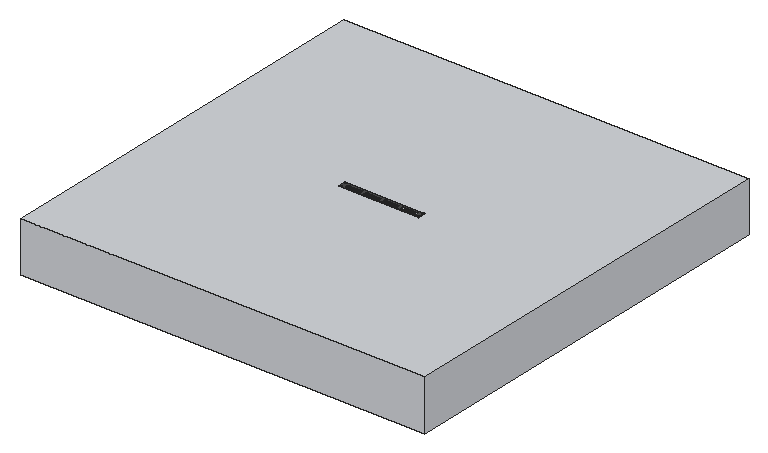
Revit family
Parameters (values of type "Patch Panel-Siemon-MX-PNL-24")
  Weight = 0.65 lbf
  Version = ""
  U/M = "EA"
  U Space = "1"
  System = "ALL OTHER"
  Serial Number = "MX-PNL-24"
  Segment = "FIBER"
  Product Page URL = ""
  Product Documentation Link = ""
  Ports = 24
  Model = "MAX PATCH PANEL"
  Metal = Metal-Siemon-Annodized-Aluminum
  Manufacturer = "SIEMON"
  Loaded/Empty = "N/A"
  Item Group = "PATCH PANELS"
  Item Class = "GG"
  Description = "24 PORT MAX PATCH PANEL 1RMS"
  Default Elevation = 1219.2 mm
  Color = "BLACK"
  Assembly Code = ""
Reference planes
  plane 1 "Center (Front/Back)": y = 0
  plane 2: z = 0
  plane 3 "Center (Left/Right)": x = 0
  plane 4: y = 6.2
  plane 5: y = -38
  plane 6: x = -241.3
  plane 7: x = 241.3
  plane 8: z = 1.56
  plane 9: x = -209.5
  plane 10: x = 209.6
  plane 11: x = -122.1
  plane 12: x = -98.9
  plane 13: x = -11.5
  plane 14: x = 11.7
  plane 15: x = 99.1
  plane 16: x = 122.3
  plane 17: y = -11.5
  plane 18: y = -30.8
  plane 19: x = -232.8
  plane 20: x = -236.35
  plane 21: x = 232.8
  plane 22: x = 236.35
  plane 23: x = -165.8
  plane 24: y = -21.15
  plane 25: x = -55.2
  plane 26: x = 55.4
  plane 27: x = 166
Forms (mm)
  Extrusion 1, solid
    sketch origin (0, 0, 0) x (1, 0, 0) y (0, 1, 0)
      loop
        line (-1219.2, 1219.2) -> (-1219.2, -1219.2) -> (1219.2, -1219.2) -> (1219.2, 1219.2) -> (-1219.2, 1219.2)
    from 0 to -304.8
  Extrusion 2, solid, material "Metal-Siemon-Annodized-Aluminum" <- "Metal", detail levels medium+fine
    sketch origin (0, 0, 0) x (1, 0, 0) y (0, 1, 0)
      loop
        line (-241.3, 6.2) -> (-241.3, -38) -> (241.3, -38) -> (241.3, 6.2) -> (-241.3, 6.2)
      loop
        line (-209.5, -11.5) -> (-209.5, -30.8) -> (-122.1, -30.8) -> (-122.1, -11.5) -> (-209.5, -11.5)
      loop
        line (-98.9, -11.5) -> (-98.9, -30.8) -> (-11.5, -30.8) -> (-11.5, -11.5) -> (-98.9, -11.5)
      loop
        line (11.7, -11.5) -> (11.7, -30.8) -> (99.1, -30.8) -> (99.1, -11.5) -> (11.7, -11.5)
      loop
        line (122.3, -11.5) -> (122.3, -30.8) -> (209.6, -30.8) -> (209.6, -11.5) -> (122.3, -11.5)
      loop
        circle (-232.8, 0) r 3.55
      loop
        circle (-232.8, -31.8) r 3.55
      loop
        circle (232.8, 0) r 3.55
      loop
        circle (232.8, -31.8) r 3.55
    from 0 to 1.56
  Extrusion 3, solid, detail levels coarse
    sketch origin (0, 0, 0) x (1, 0, 0) y (0, 1, 0)
      loop
        line (-241.3, 6.2) -> (-241.3, -38) -> (241.3, -38) -> (241.3, 6.2) -> (-241.3, 6.2)
    from 0 to 1.56
Lines and regions (mm)
  Masking region 1
    outline origin (0, 0, 0) x (1, 0, 0) y (0, 1, 0)
      loop
        line (-241.3, 6.2) -> (-241.3, -38) -> (241.3, -38) -> (241.3, 6.2) -> (-241.3, 6.2)
  Masking region 2
    outline origin (0, 0, 0) x (1, 0, 0) y (0, 0, 1)
      loop
        line (241.3, 0) -> (241.3, 1.56) -> (-241.3, 1.56) -> (-241.3, 0) -> (241.3, 0)
  Masking region 3
    outline origin (0, 0, 0) x (0, 1, 0) y (0, 0, 1)
      loop
        line (6.2, 1.56) -> (-38, 1.56) -> (-38, 0) -> (6.2, 0) -> (6.2, 1.56)
  symbolic lines, detail levels medium+fine
    curve 1: line (-209.5, -11.5, 0) -> (-122.1, -11.5, 0)
    curve 2: line (-209.5, -30.8, 0) -> (-209.5, -11.5, 0)
    curve 3: line (-122.1, -30.8, 0) -> (-209.5, -30.8, 0)
    curve 4: line (-122.1, -11.5, 0) -> (-122.1, -30.8, 0)
    curve 5: line (-98.9, -11.5, 0) -> (-11.5, -11.5, 0)
    curve 6: line (-98.9, -30.8, 0) -> (-98.9, -11.5, 0)
    curve 7: line (-11.5, -30.8, 0) -> (-98.9, -30.8, 0)
    curve 8: line (-11.5, -11.5, 0) -> (-11.5, -30.8, 0)
    curve 9: line (11.7, -11.5, 0) -> (99.1, -11.5, 0)
    curve 10: line (11.7, -30.8, 0) -> (11.7, -11.5, 0)
    curve 11: line (99.1, -30.8, 0) -> (11.7, -30.8, 0)
    curve 12: line (99.1, -11.5, 0) -> (99.1, -30.8, 0)
    curve 13: line (122.3, -11.5, 0) -> (209.6, -11.5, 0)
    curve 14: line (122.3, -30.8, 0) -> (122.3, -11.5, 0)
    curve 15: line (209.6, -30.8, 0) -> (122.3, -30.8, 0)
    curve 16: line (209.6, -11.5, 0) -> (209.6, -30.8, 0)
  symbolic lines, detail levels fine
    curve 17: circle (-232.8, 0, 0) r 3.55 normal (0, 0, 1)
    curve 19: circle (-232.8, -31.8, 0) r 3.55 normal (0, 0, -1)
    curve 23: circle (232.8, 0, 0) r 3.55 normal (0, 0, -1)
    curve 24: circle (232.8, -31.8, 0) r 3.55 normal (0, 0, -1)
  reference lines
    curve 18: arc (-236.35, 0, 0) -> (-235.31, 2.51, 0) -> (-232.8, 3.55, 0) r 3.55
    curve 20: arc (236.35, 0, 0) -> (235.31, 2.51, 0) -> (232.8, 3.55, 0) r 3.55
    curve 21: arc (236.35, -31.8, 0) -> (235.31, -34.31, 0) -> (232.8, -35.35, 0) r 3.55
    curve 22: arc (-236.35, -31.8, 0) -> (-235.31, -34.31, 0) -> (-232.8, -35.35, 0) r 3.55
Dimensions and locks
  plane 1 "Center (Front/Back)" to plane 4 = 6.2 mm
  locked: plane 4 to plane 5 at 44.2
  locked: plane 6 to plane 3 "Center (Left/Right)" at 241.3
  locked: plane 6 to plane 7 at 482.6
  plane 8 to plane 2 = 1.56 mm
  plane 6 to plane 9 to plane 11 to plane 12 to plane 13 to plane 14 to plane 15 to plane 16 to plane 10 = 31.8 mm locked, 87.4 mm locked, 23.2 mm locked, 87.4 mm locked, 23.2 mm locked, 87.4 mm locked, 23.2 mm locked, 87.3 mm locked
  locked: plane 8 to level at 1.56
  locked: plane 9 to plane 23 at 43.7
  locked: plane 17 to plane 24 at 9.65
  plane 18 to plane 17 to plane 1 "Center (Front/Back)" = 19.3 mm locked, 11.5 mm locked
  locked: plane 12 to plane 25 at 43.7
  locked: plane 14 to plane 26 at 43.7
  locked: plane 16 to plane 27 at 43.7
  aligned and locked: plane 2 to Extrusion 1
  aligned and locked: level to Extrusion 1
  aligned and locked: Extrusion 2 to plane 4
  aligned and locked: Extrusion 2 to plane 5
  aligned and locked: Extrusion 2 to plane 6
  aligned and locked: plane 7 to Extrusion 2
  aligned and locked: Extrusion 2 to level
  aligned and locked: plane 8 to Extrusion 2
  aligned and locked: Extrusion 2 sketch curve to plane 10
  aligned and locked: plane 16 to Extrusion 2 sketch curve
  aligned and locked: Extrusion 2 sketch curve to plane 15
  aligned and locked: plane 14 to Extrusion 2 sketch curve
  aligned and locked: Extrusion 2 sketch curve to plane 13
  aligned and locked: plane 12 to Extrusion 2 sketch curve
  aligned and locked: Extrusion 2 sketch curve to plane 11
  aligned and locked: plane 9 to Extrusion 2 sketch curve
  aligned and locked: Extrusion 2 sketch curve to plane 17  (x4)
  aligned and locked: plane 18 to Extrusion 2 sketch curve  (x4)
  aligned and locked: plane 6 to Extrusion 3 sketch curve
  aligned and locked: plane 5 to Extrusion 3 sketch curve
  aligned and locked: Extrusion 3 sketch curve to plane 7
  aligned and locked: Extrusion 3 sketch curve to plane 4
  aligned and locked: Extrusion 3 to plane 2
  aligned and locked: plane 8 to Extrusion 3
  aligned and locked: plane 6 to Masking region 1 sketch curve
  aligned and locked: Masking region 1 sketch curve to plane 4
  aligned and locked: plane 5 to Masking region 1 sketch curve
  aligned and locked: Masking region 1 sketch curve to plane 7
  aligned and locked: plane 16 to curve 14
  aligned and locked: curve 16 to plane 10
  aligned and locked: curve 13 to plane 17
  aligned and locked: plane 18 to curve 15
  aligned and locked: curve 9 to plane 17
  aligned and locked: plane 18 to curve 11
  aligned and locked: curve 5 to plane 17
  aligned and locked: plane 18 to Extrusion 2  (x2)
  aligned and locked: curve 1 to plane 17
  aligned and locked: plane 18 to curve 3
  aligned and locked: plane 9 to curve 2
  aligned and locked: curve 4 to plane 11
  aligned and locked: plane 12 to curve 6
  aligned and locked: curve 8 to plane 13
  aligned and locked: plane 14 to curve 10
  aligned and locked: curve 12 to plane 15
  aligned and locked: plane 16 to Extrusion 2
  aligned and locked: Extrusion 2 to plane 10
  aligned and locked: Extrusion 2 to plane 17
  aligned and locked: plane 1 "Center (Front/Back)" to curve 18
  aligned and locked: plane 19 to curve 18
  aligned and locked: curve 17 to curve 18
  aligned and locked: plane 20 to curve 18
  aligned and locked: plane 21 to curve 21
  aligned and locked: plane 22 to curve 21
  aligned and locked: plane 21 to curve 20
  aligned and locked: plane 22 to curve 20
  aligned and locked: plane 19 to curve 22
  aligned and locked: plane 20 to curve 22
  aligned and locked: curve 19 to curve 22
  aligned and locked: curve 23 to curve 20
  aligned and locked: curve 24 to curve 21
  aligned and locked: Masking region 2 sketch curve to Extrusion 1
  aligned and locked: plane 8 to Masking region 2 sketch curve
  aligned and locked: plane 7 to Masking region 2 sketch curve
  aligned and locked: Masking region 2 sketch curve to plane 6
  aligned and locked: Masking region 3 sketch curve to plane 8
  aligned and locked: Extrusion 1 to Masking region 3 sketch curve
  aligned and locked: plane 5 to Masking region 3 sketch curve
  aligned and locked: Masking region 3 sketch curve to plane 4
  aligned and locked: Extrusion 2 sketch curve to curve 17
  aligned and locked: Extrusion 2 sketch curve to curve 19
  aligned and locked: Extrusion 2 sketch curve to curve 23
  aligned and locked: Extrusion 2 sketch curve to curve 24
  aligned and locked: plane 8 to nested 1
  aligned and locked: nested 1 to plane 23
  aligned and locked: plane 24 to nested 1
  aligned and locked: plane 24 to nested 2
  aligned and locked: plane 24 to nested 3
  aligned and locked: plane 24 to nested 4
  aligned and locked: nested 2 to plane 25
  aligned and locked: nested 3 to plane 26
  aligned and locked: nested 4 to plane 27
Nested families
  nested 1: "DataPorts" at (-165.8, -21.15, -8.44), type "DataPorts"
  nested 2: "DataPorts" at (-55.2, -21.15, -8.44), type "DataPorts"
  nested 3: "DataPorts" at (55.4, -21.15, -8.44), type "DataPorts"
  nested 4: "DataPorts" at (166, -21.15, -8.44), type "DataPorts"
Connectors
  electrical at (-201.842, -21.155, -8.44)
    settings: on nested 1, index 1
  electrical at (-187.429, -21.155, -8.44)
    settings: on nested 1, index 2
  electrical at (-173.016, -21.155, -8.44)
    settings: on nested 1, index 3
  electrical at (-158.604, -21.155, -8.44)
    settings: on nested 1, index 4
  electrical at (-144.191, -21.155, -8.44)
    settings: on nested 1, index 5
  electrical at (-129.778, -21.155, -8.44)
    settings: on nested 1, index 6
  electrical at (-91.242, -21.155, -8.44)
    settings: on nested 2, index 7
  electrical at (-76.829, -21.155, -8.44)
    settings: on nested 2, index 8
  electrical at (-62.416, -21.155, -8.44)
    settings: on nested 2, index 9
  electrical at (-48.004, -21.155, -8.44)
    settings: on nested 2, index 10
  electrical at (-33.591, -21.155, -8.44)
    settings: on nested 2, index 11
  electrical at (-19.178, -21.155, -8.44)
    settings: on nested 2, index 12
  electrical at (19.358, -21.155, -8.44)
    settings: on nested 3, index 13
  electrical at (33.771, -21.155, -8.44)
    settings: on nested 3, index 14
  electrical at (48.184, -21.155, -8.44)
    settings: on nested 3, index 15
  electrical at (62.596, -21.155, -8.44)
    settings: on nested 3, index 16
  electrical at (77.009, -21.155, -8.44)
    settings: on nested 3, index 17
  electrical at (91.422, -21.155, -8.44)
    settings: on nested 3, index 18
  electrical at (129.958, -21.155, -8.44)
    settings: on nested 4, index 19
  electrical at (144.371, -21.155, -8.44)
    settings: on nested 4, index 20
  electrical at (158.784, -21.155, -8.44)
    settings: on nested 4, index 21
  electrical at (173.196, -21.155, -8.44)
    settings: on nested 4, index 22
  electrical at (187.609, -21.155, -8.44)
    settings: on nested 4, index 23
  electrical at (202.022, -21.155, -8.44)
    settings: on nested 4, index 24
Definition of nested family "DataPorts"
  Parameters (values of type "DataPorts")
    Weight = "0.7 kgs (1.5 lbs)"
    UL Rating = "UL 1863"
    U Space / Capacity = "1U"
    Text1 = none
    Text = none
    Part Number = "HD5-24"
    Material = Metal-Siemon-Annodized-Aluminum
    Manufacturer Contact Info / Website = "www.siemon.com"
    Manufacturer = "Siemon"
    Dimensions (H x W x D) = "44.5mm x 483mm x 25mm\r\n(1.75 in. x 19.0 in. x 1.4 in.)"
    Description = "24-port Category 5e Copper Patch Panel"
    Clearance = "50mm (2.0 in.) Front and Rear"
    Assembly Code = ""
  Reference planes
    plane 1 "Center (Front/Back)": y = 0
    plane 2: z = 0
    plane 3 "Center (Left/Right)": x = 0
  Forms (mm)
    Extrusion 1, solid, material "Black Anodized Aluminum", detail levels fine
      sketch origin (-44.118, -25.304, 0) x (1, 0, 0) y (0, 1, 0)
        loop
          line (2.212, 17.018) -> (13.941, 17.018)
          arc (13.941, 17.018) -> (14.821, 17.382) -> (15.185, 18.262) r 1.244
          line (15.185, 18.262) -> (15.185, 32.336)
          arc (15.185, 32.336) -> (14.821, 33.215) -> (13.941, 33.579) r 1.244
          line (13.941, 33.579) -> (2.212, 33.579)
          arc (2.212, 33.579) -> (1.332, 33.215) -> (0.968, 32.336) r 1.244
          line (0.968, 32.336) -> (0.968, 18.262)
          arc (0.968, 18.262) -> (1.332, 17.382) -> (2.212, 17.018) r 1.244
        loop
          line (1.697, 28.29) -> (1.697, 19.582) -> (6.494, 19.582) -> (6.494, 17.474) -> (9.66, 17.474) -> (9.66, 19.582) -> (14.456, 19.582) -> (14.456, 28.29) -> (1.697, 28.29)
        loop
          line (16.625, 17.018) -> (28.354, 17.018)
          arc (28.354, 17.018) -> (29.234, 17.382) -> (29.598, 18.262) r 1.244
          line (29.598, 18.262) -> (29.598, 32.336)
          arc (29.598, 32.336) -> (29.234, 33.215) -> (28.354, 33.579) r 1.244
          line (28.354, 33.579) -> (16.625, 33.579)
          arc (16.625, 33.579) -> (15.745, 33.215) -> (15.381, 32.336) r 1.244
          line (15.381, 32.336) -> (15.381, 18.262)
          arc (15.381, 18.262) -> (15.745, 17.382) -> (16.625, 17.018) r 1.244
        loop
          line (16.11, 28.29) -> (16.11, 19.582) -> (20.906, 19.582) -> (20.906, 17.474) -> (24.072, 17.474) -> (24.072, 19.582) -> (28.869, 19.582) -> (28.869, 28.29) -> (16.11, 28.29)
        loop
          line (31.037, 17.018) -> (42.767, 17.018)
          arc (42.767, 17.018) -> (43.646, 17.382) -> (44.011, 18.262) r 1.244
          line (44.011, 18.262) -> (44.011, 32.336)
          arc (44.011, 32.336) -> (43.646, 33.215) -> (42.767, 33.579) r 1.244
          line (42.767, 33.579) -> (31.037, 33.579)
          arc (31.037, 33.579) -> (30.158, 33.215) -> (29.794, 32.336) r 1.244
          line (29.794, 32.336) -> (29.794, 18.262)
          arc (29.794, 18.262) -> (30.158, 17.382) -> (31.037, 17.018) r 1.244
        loop
          line (30.522, 28.29) -> (30.522, 19.582) -> (35.319, 19.582) -> (35.319, 17.474) -> (38.485, 17.474) -> (38.485, 19.582) -> (43.282, 19.582) -> (43.282, 28.29) -> (30.522, 28.29)
        loop
          line (45.45, 17.018) -> (57.18, 17.018)
          arc (57.18, 17.018) -> (58.059, 17.382) -> (58.423, 18.262) r 1.244
          line (58.423, 18.262) -> (58.423, 32.336)
          arc (58.423, 32.336) -> (58.059, 33.215) -> (57.18, 33.579) r 1.244
          line (57.18, 33.579) -> (45.45, 33.579)
          arc (45.45, 33.579) -> (44.571, 33.215) -> (44.206, 32.336) r 1.244
          line (44.206, 32.336) -> (44.206, 18.262)
          arc (44.206, 18.262) -> (44.571, 17.382) -> (45.45, 17.018) r 1.244
        loop
          line (44.935, 28.29) -> (44.935, 19.582) -> (49.732, 19.582) -> (49.732, 17.474) -> (52.898, 17.474) -> (52.898, 19.582) -> (57.695, 19.582) -> (57.695, 28.29) -> (44.935, 28.29)
        loop
          line (59.863, 17.018) -> (71.592, 17.018)
          arc (71.592, 17.018) -> (72.472, 17.382) -> (72.836, 18.262) r 1.244
          line (72.836, 18.262) -> (72.836, 32.336)
          arc (72.836, 32.336) -> (72.472, 33.215) -> (71.592, 33.579) r 1.244
          line (71.592, 33.579) -> (59.863, 33.579)
          arc (59.863, 33.579) -> (58.983, 33.215) -> (58.619, 32.336) r 1.244
          line (58.619, 32.336) -> (58.619, 18.262)
          arc (58.619, 18.262) -> (58.983, 17.382) -> (59.863, 17.018) r 1.244
        loop
          line (59.348, 28.29) -> (59.348, 19.582) -> (64.145, 19.582) -> (64.145, 17.474) -> (67.311, 17.474) -> (67.311, 19.582) -> (72.107, 19.582) -> (72.107, 28.29) -> (59.348, 28.29)
        loop
          line (74.276, 17.018) -> (86.005, 17.018)
          arc (86.005, 17.018) -> (86.885, 17.382) -> (87.249, 18.262) r 1.244
          line (87.249, 18.262) -> (87.249, 32.336)
          arc (87.249, 32.336) -> (86.885, 33.215) -> (86.005, 33.579) r 1.244
          line (86.005, 33.579) -> (74.276, 33.579)
          arc (74.276, 33.579) -> (73.396, 33.215) -> (73.032, 32.336) r 1.244
          line (73.032, 32.336) -> (73.032, 18.262)
          arc (73.032, 18.262) -> (73.396, 17.382) -> (74.276, 17.018) r 1.244
        loop
          line (73.761, 28.29) -> (73.761, 19.582) -> (78.557, 19.582) -> (78.557, 17.474) -> (81.723, 17.474) -> (81.723, 19.582) -> (86.52, 19.582) -> (86.52, 28.29) -> (73.761, 28.29)
      from 0 to 10
  Lines and regions (mm)
    symbolic lines, detail levels fine
      curve 1: line (-43.15, 7.032, 0) -> (-43.15, -7.042, 0)
      curve 2: arc (-41.907, 8.276, 0) -> (-42.786, 7.911, 0) -> (-43.15, 7.032, 0) r 1.244
      curve 3: line (-30.177, 8.276, 0) -> (-41.907, 8.276, 0)
      curve 4: arc (-28.933, 7.032, 0) -> (-29.298, 7.911, 0) -> (-30.177, 8.276, 0) r 1.244
      curve 5: line (-28.933, -7.042, 0) -> (-28.933, 7.032, 0)
      curve 6: arc (-30.177, -8.286, 0) -> (-29.298, -7.921, 0) -> (-28.933, -7.042, 0) r 1.244
      curve 7: line (-41.907, -8.286, 0) -> (-30.177, -8.286, 0)
      curve 8: arc (-43.15, -7.042, 0) -> (-42.786, -7.921, 0) -> (-41.907, -8.286, 0) r 1.244
      curve 9: line (-37.625, -5.722, 0) -> (-42.422, -5.722, 0)
      curve 10: line (-37.625, -7.829, 0) -> (-37.625, -5.722, 0)
      curve 11: line (-34.459, -7.829, 0) -> (-37.625, -7.829, 0)
      curve 12: line (-34.459, -5.722, 0) -> (-34.459, -7.829, 0)
      curve 13: line (-29.662, -5.722, 0) -> (-34.459, -5.722, 0)
      curve 14: line (-29.662, 2.986, 0) -> (-29.662, -5.722, 0)
      curve 15: line (-42.422, 2.986, 0) -> (-29.662, 2.986, 0)
      curve 16: line (-42.422, -5.722, 0) -> (-42.422, 2.986, 0)
      curve 17: line (-28.738, 7.032, 0) -> (-28.738, -7.042, 0)
      curve 18: arc (-27.494, 8.276, 0) -> (-28.373, 7.911, 0) -> (-28.738, 7.032, 0) r 1.244
      curve 19: line (-15.764, 8.276, 0) -> (-27.494, 8.276, 0)
      curve 20: arc (-14.521, 7.032, 0) -> (-14.885, 7.911, 0) -> (-15.764, 8.276, 0) r 1.244
      curve 21: line (-14.521, -7.042, 0) -> (-14.521, 7.032, 0)
      curve 22: arc (-15.764, -8.286, 0) -> (-14.885, -7.921, 0) -> (-14.521, -7.042, 0) r 1.244
      curve 23: line (-27.494, -8.286, 0) -> (-15.764, -8.286, 0)
      curve 24: arc (-28.738, -7.042, 0) -> (-28.373, -7.921, 0) -> (-27.494, -8.286, 0) r 1.244
      curve 25: line (-23.212, -5.722, 0) -> (-28.009, -5.722, 0)
      curve 26: line (-23.212, -7.829, 0) -> (-23.212, -5.722, 0)
      curve 27: line (-20.046, -7.829, 0) -> (-23.212, -7.829, 0)
      curve 28: line (-20.046, -5.722, 0) -> (-20.046, -7.829, 0)
      curve 29: line (-15.249, -5.722, 0) -> (-20.046, -5.722, 0)
      curve 30: line (-15.249, 2.986, 0) -> (-15.249, -5.722, 0)
      curve 31: line (-28.009, 2.986, 0) -> (-15.249, 2.986, 0)
      curve 32: line (-28.009, -5.722, 0) -> (-28.009, 2.986, 0)
      curve 33: line (-14.325, 7.032, 0) -> (-14.325, -7.042, 0)
      curve 34: arc (-13.081, 8.276, 0) -> (-13.961, 7.911, 0) -> (-14.325, 7.032, 0) r 1.244
      curve 35: line (-1.352, 8.276, 0) -> (-13.081, 8.276, 0)
      curve 36: arc (-0.108, 7.032, 0) -> (-0.472, 7.911, 0) -> (-1.352, 8.276, 0) r 1.244
      curve 37: line (-0.108, -7.042, 0) -> (-0.108, 7.032, 0)
      curve 38: arc (-1.352, -8.286, 0) -> (-0.472, -7.921, 0) -> (-0.108, -7.042, 0) r 1.244
      curve 39: line (-13.081, -8.286, 0) -> (-1.352, -8.286, 0)
      curve 40: arc (-14.325, -7.042, 0) -> (-13.961, -7.921, 0) -> (-13.081, -8.286, 0) r 1.244
      curve 41: line (-8.799, -5.722, 0) -> (-13.596, -5.722, 0)
      curve 42: line (-8.799, -7.829, 0) -> (-8.799, -5.722, 0)
      curve 43: line (-5.633, -7.829, 0) -> (-8.799, -7.829, 0)
      curve 44: line (-5.633, -5.722, 0) -> (-5.633, -7.829, 0)
      curve 45: line (-0.837, -5.722, 0) -> (-5.633, -5.722, 0)
      curve 46: line (-0.837, 2.986, 0) -> (-0.837, -5.722, 0)
      curve 47: line (-13.596, 2.986, 0) -> (-0.837, 2.986, 0)
      curve 48: line (-13.596, -5.722, 0) -> (-13.596, 2.986, 0)
      curve 49: line (0.088, 7.032, 0) -> (0.088, -7.042, 0)
      curve 50: arc (1.332, 8.276, 0) -> (0.452, 7.911, 0) -> (0.088, 7.032, 0) r 1.244
      curve 51: line (13.061, 8.276, 0) -> (1.332, 8.276, 0)
      curve 52: arc (14.305, 7.032, 0) -> (13.941, 7.911, 0) -> (13.061, 8.276, 0) r 1.244
      curve 53: line (14.305, -7.042, 0) -> (14.305, 7.032, 0)
      curve 54: arc (13.061, -8.286, 0) -> (13.941, -7.921, 0) -> (14.305, -7.042, 0) r 1.244
      curve 55: line (1.332, -8.286, 0) -> (13.061, -8.286, 0)
      curve 56: arc (0.088, -7.042, 0) -> (0.452, -7.921, 0) -> (1.332, -8.286, 0) r 1.244
      curve 57: line (5.613, -5.722, 0) -> (0.817, -5.722, 0)
      curve 58: line (5.613, -7.829, 0) -> (5.613, -5.722, 0)
      curve 59: line (8.779, -7.829, 0) -> (5.613, -7.829, 0)
      curve 60: line (8.779, -5.722, 0) -> (8.779, -7.829, 0)
      curve 61: line (13.576, -5.722, 0) -> (8.779, -5.722, 0)
      curve 62: line (13.576, 2.986, 0) -> (13.576, -5.722, 0)
      curve 63: line (0.817, 2.986, 0) -> (13.576, 2.986, 0)
      curve 64: line (0.817, -5.722, 0) -> (0.817, 2.986, 0)
      curve 65: line (14.501, 7.032, 0) -> (14.501, -7.042, 0)
      curve 66: arc (15.744, 8.276, 0) -> (14.865, 7.911, 0) -> (14.501, 7.032, 0) r 1.244
      curve 67: line (27.474, 8.276, 0) -> (15.744, 8.276, 0)
      curve 68: arc (28.718, 7.032, 0) -> (28.353, 7.911, 0) -> (27.474, 8.276, 0) r 1.244
      curve 69: line (28.718, -7.042, 0) -> (28.718, 7.032, 0)
      curve 70: arc (27.474, -8.286, 0) -> (28.353, -7.921, 0) -> (28.718, -7.042, 0) r 1.244
      curve 71: line (15.744, -8.286, 0) -> (27.474, -8.286, 0)
      curve 72: arc (14.501, -7.042, 0) -> (14.865, -7.921, 0) -> (15.744, -8.286, 0) r 1.244
      curve 73: line (20.026, -5.722, 0) -> (15.229, -5.722, 0)
      curve 74: line (20.026, -7.829, 0) -> (20.026, -5.722, 0)
      curve 75: line (23.192, -7.829, 0) -> (20.026, -7.829, 0)
      curve 76: line (23.192, -5.722, 0) -> (23.192, -7.829, 0)
      curve 77: line (27.989, -5.722, 0) -> (23.192, -5.722, 0)
      curve 78: line (27.989, 2.986, 0) -> (27.989, -5.722, 0)
      curve 79: line (15.229, 2.986, 0) -> (27.989, 2.986, 0)
      curve 80: line (15.229, -5.722, 0) -> (15.229, 2.986, 0)
      curve 81: line (28.913, 7.032, 0) -> (28.913, -7.042, 0)
      curve 82: arc (30.157, 8.276, 0) -> (29.278, 7.911, 0) -> (28.913, 7.032, 0) r 1.244
      curve 83: line (41.887, 8.276, 0) -> (30.157, 8.276, 0)
      curve 84: arc (43.13, 7.032, 0) -> (42.766, 7.911, 0) -> (41.887, 8.276, 0) r 1.244
      curve 85: line (43.13, -7.042, 0) -> (43.13, 7.032, 0)
      curve 86: arc (41.887, -8.286, 0) -> (42.766, -7.921, 0) -> (43.13, -7.042, 0) r 1.244
      curve 87: line (30.157, -8.286, 0) -> (41.887, -8.286, 0)
      curve 88: arc (28.913, -7.042, 0) -> (29.278, -7.921, 0) -> (30.157, -8.286, 0) r 1.244
      curve 89: line (34.439, -5.722, 0) -> (29.642, -5.722, 0)
      curve 90: line (34.439, -7.829, 0) -> (34.439, -5.722, 0)
      curve 91: line (37.605, -7.829, 0) -> (34.439, -7.829, 0)
      curve 92: line (37.605, -5.722, 0) -> (37.605, -7.829, 0)
      curve 93: line (42.402, -5.722, 0) -> (37.605, -5.722, 0)
      curve 94: line (42.402, 2.986, 0) -> (42.402, -5.722, 0)
      curve 95: line (29.642, 2.986, 0) -> (42.402, 2.986, 0)
      curve 96: line (29.642, -5.722, 0) -> (29.642, 2.986, 0)
  Dimensions and locks
    aligned and locked: curve 1 to Extrusion 1
    aligned and locked: curve 2 to Extrusion 1
    aligned and locked: curve 3 to Extrusion 1
    aligned and locked: curve 4 to Extrusion 1
    aligned and locked: curve 5 to Extrusion 1
    aligned and locked: curve 6 to Extrusion 1
    aligned and locked: curve 7 to Extrusion 1
    aligned and locked: curve 8 to Extrusion 1
    aligned and locked: curve 9 to Extrusion 1
    aligned and locked: curve 10 to Extrusion 1
    aligned and locked: curve 11 to Extrusion 1
    aligned and locked: curve 12 to Extrusion 1
    aligned and locked: curve 13 to Extrusion 1
    aligned and locked: curve 14 to Extrusion 1
    aligned and locked: curve 15 to Extrusion 1
    aligned and locked: curve 16 to Extrusion 1
